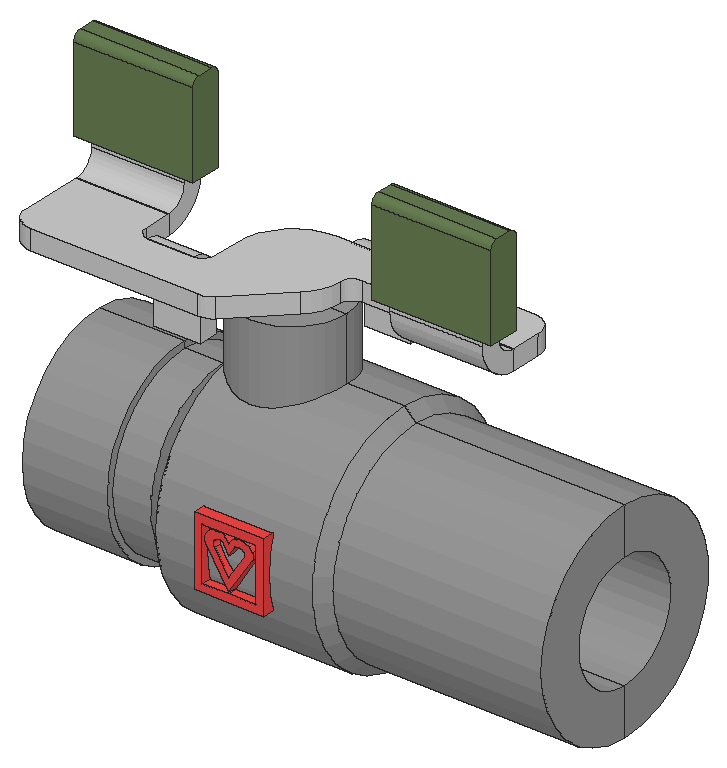
Revit family "Шаровой кран с маховиком бабочка и обратным клапаном 2110", category Rohrzubehör, Revit 2020
Family settings
  Bemaßung runder Anschluss = Durchmesser verwenden
  Teiletyp = Unterbricht
  OmniClass-Nummer = 23.65.55.14
  OmniClass-Titel = Valves for Liquid Services
  Arbeitsebenenbasiert = Nein
  Immer vertikal = Ja
  Beim Laden mit Abzugskörper schneiden = Nein
  Gemeinsam genutzt = Nein
Parameters
  Шпиндель = "латунь в соответствии с EN 12164, CW614N"  # constant formula
  Шар = "штампованная латунь, устойчивая к селективной цинковой коррозии, согласно EN 12165, хромированный полнопроходной шар, CW626N"  # constant formula
  Уплотнение шпинделя = "EPDM"  # constant formula
  Уплотнение шара = "PTFE"  # constant formula
  Среда = "Питьевая вода"  # constant formula
  Рукоятка = "маховик бабочка, цвет - зеленый, оцинкованная сталь"  # constant formula
  Резьба = "согласно  ISO 228"  # constant formula
  Примечание = "В соответствии со статьей 33 Регламента REACH (Registration; Evaluation; Authorisation; Restriction of Chemicals) (EC № 1907/2006) мы обязаны указать, что свинец внесен в список SVHC (Substances of Very High Concern - вещества очень высокой важности) и весовой процент свинца во всех латунных компонентах заводского изготовления в наших изделиях, превышает 0,1 % (w/w) (CAS: 7439-92-1 / EINECS: 231-100-4).\r\nПоскольку свинец является легирующим компонентом сплава, прямое негативное влияние исключается, и поэтому дополнительной информации о безопасном использовании не требуется."
  Область применения = "Шаровой кран с маховиком \"бабочка\" и обратным клапаном применяется в системах питьевого водоснабжения и служит запорным устройством.\r\nКак правило, шаровые краны используются в системах для надежного перекрытия трубопровода.\r\nОбратный клапан гарантирует движение потока только в одном направлении, указанном стрелкой на корпусе крана."
  Номер заказа [instance] = size_lookup("2110_0X_", "Artnr", 0, Nennweite)  # 2211001
  Мин. рабочая температура (вода) = 0.5 °C  # constant formula
  Мин. рабочая температура = -10 °C  # constant formula
  Макс. рабочее давление = 2500000.0 Pa  # constant formula
  Макс. рабочая температура = 85 °C  # constant formula
  Корпус = "штампованная латунь, устойчивая к селективной цинковой коррозии, согласно EN 12165, CW626N"  # constant formula
  W01 = 45.00°  # constant formula
  Vorgabe-Ansicht = 0.000 mm
  URL = "www.herz-armaturen.ru"
  SC_NennweiteBerechnet = 0
  SC_Dimension = ""
  SCTWSEQ = "FW;SBT_TYP_FW=\"102\";2"
  SCTWCODE = "04;04;02"  # constant formula
  S04 = 5.000 mm  # constant formula
  S03 [instance] = D04 - 2.000 mm  # 11.500 mm
  S02 [instance] = L01 + 4.500 mm  # 38.500 mm
  S01 [instance] = D04 * 2  # 27.000 mm
  R01 = 7.000 mm  # constant formula
  O-Ring обратного клапана = "силикон"  # constant formula
  Nennweite [instance] = 15.000 mm
  L05 [instance] = size_lookup("2110_0X_", "L5", 1.000 mm, Nennweite)  # 25.000 mm
  L04 [instance] = size_lookup("2110_0X_", "L4", 1.000 mm, Nennweite)  # 27.000 mm
  L03 = 5.000 mm  # constant formula
  L02 [instance] = size_lookup("2110_0X_", "L2", 1.000 mm, Nennweite)  # 11.000 mm
  L01 [instance] = size_lookup("2110_0X_", "L1", 1.000 mm, Nennweite)  # 34.000 mm
  IG [instance] = Nennweite / 2  # 7.500 mm
  Hersteller = "HERZ Armaturen Ges.m.b.H."  # constant formula
  H01 [instance] = size_lookup("2110_0X_", "H1", 1.000 mm, Nennweite)  # 23.000 mm
  Корпус обратного клапана = "POM"  # constant formula
  GT [instance] = size_lookup("2110_0X_", "GT", 1.000 mm, Nennweite)  # 10.000 mm
  DN15-DN20 [instance] = if(Nennweite = 15.000 mm, 42.000 mm, 46.000 mm)  # 42.000 mm
  D04 [instance] = size_lookup("2110_0X_", "D4", 1.000 mm, Nennweite)  # 13.500 mm
  D03 [instance] = size_lookup("2110_0X_", "D3", 1.000 mm, Nennweite)  # 15.000 mm
  D02 [instance] = size_lookup("2110_0X_", "D2", 1.000 mm, Nennweite)  # 11.700 mm
  D01 [instance] = size_lookup("2110_0X_", "D1", 1.000 mm, Nennweite)  # 12.500 mm
Reference planes
  plane 1 "Mitte (Vorne/hinten)": y = 0
  plane 2: z = 0
  plane 3 "Mitte (Links/rechts)": x = 0
Forms (mm)
  Revolve 1, solid, material "Messing, weicher Gelbton, geschweißt", detail levels fine
    sketch origin (0, 0, 0) x (1, 0, 0) y (0, 0, 1)
      loop
        line (-24, 0) -> (24, 0) -> (24, 7.5) -> (34, 7.5) -> (34, 13.5) -> (7, 13.5) -> (5.5, 15) -> (-14.7, 15) -> (-18, 11.7) -> (-23, 11.7) -> (-23, 12.5) -> (-34, 12.5) -> (-34, 7.5) -> (-24, 7.5) -> (-24, 0)
      axis (-34, 0) -> (34, 0)
    angle from 0 to 360
  Revolve 2, solid, material "Messing, weicher Gelbton, geschweißt", detail levels fine
    sketch origin (0, 0, 0) x (1, 0, 0) y (0, 0, 1)
      loop
        line (-5.588, 0) -> (-5.588, 8) -> (-2, 8) -> (-2, 23) -> (-9, 23) -> (-9, 0) -> (-5.588, 0)
      axis (-9, 0) -> (-9, 23)
    angle from 0 to 360
Lines and regions (mm)
  model lines, detail levels coarse+medium
    curve 1: line (-34, 0, 13.5) -> (-34, 0, -13.5)
    curve 2: line (-34, 0, -13.5) -> (4.5, 0, 13.5)
    curve 3: line (4.5, 0, 13.5) -> (4.5, 0, -13.5)
    curve 4: line (4.5, 0, -13.5) -> (-34, 0, 13.5)
    curve 5: circle (-14.75, 0, 0) r 11.5 normal (0, -1, 0)
    curve 6: line (4.5, 0, 13.5) -> (34, 0, -13.5)
    curve 7: line (34, 0, -13.5) -> (34, 0, 13.5)
    curve 8: circle (4.5, 0, 13.5) r 5 normal (0, -1, 0)
    curve 9: line (-34, 13.5, 0) -> (-34, -13.5, 0)
    curve 10: line (-34, -13.5, 0) -> (4.5, 13.5, 0)
    curve 11: line (4.5, 13.5, 0) -> (4.5, -13.5, 0)
    curve 12: line (4.5, -13.5, 0) -> (-34, 13.5, 0)
    curve 13: line (4.5, 13.5, 0) -> (34, -13.5, 0)
    curve 14: line (34, -13.5, 0) -> (34, 13.5, 0)
    curve 15: circle (4.5, 13.5, 0) r 5 normal (0, 0, 1)
    curve 16: circle (-14.75, 0, 0) r 11.5 normal (0, 0, 1)
Dimensions and locks
  "L01": plane 3 "Mitte (Links/rechts)" to Revolve 1 sketch curve
  "L01": Revolve 1 sketch curve to plane 3 "Mitte (Links/rechts)"
  "L02": Revolve 1 sketch curve to Revolve 1 sketch curve
  "L03": Revolve 1 sketch curve to Revolve 1 sketch curve
  "D01": Revolve 1 sketch curve to plane 2
  "D02": Revolve 1 sketch curve to plane 2
  "D03": Revolve 1 sketch curve to plane 2
  "L04": Revolve 1 sketch curve to Revolve 1 sketch curve
  "D04": Revolve 1 sketch curve to plane 2
  "GT": Revolve 1 sketch curve to Revolve 1 sketch curve  (x2)
  "IG": Revolve 1 sketch curve to plane 2  (x2)
  "L05": Revolve 1 to Revolve 2 sketch curve  (x2)
  "H01": Revolve 2 sketch curve to plane 2
  "R01": Revolve 2 sketch curve to Revolve 2 sketch curve
  Revolve 2 sketch curve to plane 2 = 8.000 mm
  equal spacing: Revolve 1, nested 1, Revolve 1
  "D03": nested 1 to plane 1 "Mitte (Vorne/hinten)"
  equal spacing: curve 4, plane 2, curve 2
  "S01": curve 4 to curve 2
  "L01": plane 3 "Mitte (Links/rechts)" to curve 1
  equal spacing: curve 3, plane 2, curve 4
  "S01": curve 4 to curve 3
  "S02": curve 1 to curve 3
  equal spacing: curve 1, curve 5, curve 3
  "S02": curve 1 to curve 8
  "L01": curve 7 to plane 3 "Mitte (Links/rechts)"
  equal spacing: curve 7, plane 2, curve 7
  "S01": curve 7 to curve 7
  equal spacing: curve 10, plane 1 "Mitte (Vorne/hinten)", curve 12
  equal spacing: curve 12, plane 1 "Mitte (Vorne/hinten)", curve 13
  equal spacing: curve 14, plane 1 "Mitte (Vorne/hinten)", curve 14
  "L01": curve 9 to plane 3 "Mitte (Links/rechts)"
  "S02": curve 9 to curve 11
  "S02": curve 9 to curve 15
  "L01": plane 3 "Mitte (Links/rechts)" to curve 14
  "S01": curve 12 to curve 9
  "S01": curve 13 to curve 12
  "S01": curve 14 to curve 14
  equal spacing: curve 9, curve 16, curve 11
  "L05": Revolve 1 to nested 2
  "DN15-DN20": nested 2 to plane 2
  "S03": radius of curve 5
  "S04": radius of curve 8
  "S04": radius of curve 15
  "S03": radius of curve 16
  "W01": angle Revolve 1 sketch curve to Revolve 1 sketch curve  (x2)
  aligned and locked: level to plane 2
Automatic sketch dimensions
  curve 5 to level = 0.000 mm
  curve 8 to curve 2 = 0.000 mm
  plane 1 "Mitte (Vorne/hinten)" to curve 16 = 0.000 mm
  curve 15 to curve 10 = 0.000 mm
  Revolve 1 sketch curve to level = 0.000 mm  (x2)
  Revolve 1 sketch curve to Revolve 1 sketch curve = 1490.843 mm
  Revolve 1 sketch curve to Revolve 1 sketch curve = 1823.461 mm
  Revolve 2 sketch curve to level = 0.000 mm  (x2)
  Revolve 2 sketch curve to Revolve 2 sketch curve = 3.588 mm
  Revolve 2 sketch curve to Revolve 2 sketch curve = 0.000 mm
Nested families
  nested 1: "Herz-Logo-vorne" at (-4.6, -15, 0) x (0, 1, 0) z (0, 0, 1), type "Herz-Logo-vorne", detail levels fine
  nested 2: "Flügelgriff (Grün) DN15-DN20" at (-9, 0, 24), type "Flügelgriff (Grün) DN15-DN20"
Connectors
  piping at (-24, 0, 0), diameter 15, driven by "Nennweite"
    settings: on Revolve 1, index 1, connector inside diameter 609.6 mm, connector length 0.000 mm, flow factor 0, pipe flow 0.0 L/s, pressure drop 0.0 Pa, fitting loss kfactor 0, connector angle 0.00°, fixture units 0, engagement length 0.000 mm, angle of deflection 0.00°, flow configuration 0, flow direction 1, fitting loss method 0, system type 29, joint type 0, gender type 0, connector reference index -1, connector utility 0, adjustable connector no, is connector primary yes, connector description ""
  piping at (24, 0, 0), diameter 15, driven by "Nennweite"
    settings: on Revolve 1, index 2, connector inside diameter 609.6 mm, connector length 0.000 mm, flow factor 0, pipe flow 0.0 L/s, pressure drop 0.0 Pa, fitting loss kfactor 0, connector angle 0.00°, fixture units 0, engagement length 0.000 mm, angle of deflection 0.00°, flow configuration 0, flow direction 2, fitting loss method 0, system type 29, joint type 0, gender type 0, connector reference index -1, connector utility 0, adjustable connector no, is connector primary no, connector description ""
Definition of nested family "Herz-Logo-vorne"
  Parameters (values of type "Herz-Logo-vorne")
    Default Elevation = 0.000 mm
  Reference planes
    plane 1 "Mitte (Vorne/hinten)": y = 0
    plane 2: z = 0
    plane 3 "Mitte (Links/rechts)": x = 0
  Forms (mm)
    Extrusion 1, solid
      sketch origin (0.732, -0.018, 0.017) x (0, -1, 0) y (0, 0, 1)
        loop
          line (-0.018, -4.517) -> (4.482, -4.517) -> (4.482, 4.483) -> (-4.518, 4.483) -> (-4.518, -4.517) -> (-0.018, -4.517)
        loop
          line (-0.05, -3.48) -> (3.482, -3.48) -> (3.482, 3.483) -> (-3.518, 3.483) -> (-3.518, -3.48) -> (-0.05, -3.48)
        loop
          arc (-0.018, 2.383) -> (-1.543, 3.287) -> (-3.067, 2.383) r 1.738
          arc (-3.067, 2.383) -> (-3.191, 1.899) -> (-3.067, 1.415) r 1.009
          line (-3.067, 1.415) -> (-0.018, -3.281) -> (3.032, 1.415)
          arc (3.032, 1.415) -> (3.156, 1.899) -> (3.032, 2.383) r 1.009
          arc (3.032, 2.383) -> (1.507, 3.287) -> (-0.018, 2.383) r 1.738
        loop
          arc (1.885, 1.272) -> (2.005, 1.675) -> (1.885, 2.079) r 0.74
          arc (1.885, 2.079) -> (1.265, 2.416) -> (0.644, 2.079) r 0.74
          line (0.644, 2.079) -> (-0.018, 0.97) -> (-0.679, 2.079)
          arc (-0.679, 2.079) -> (-1.3, 2.416) -> (-1.921, 2.079) r 0.74
          arc (-1.921, 2.079) -> (-2.04, 1.675) -> (-1.921, 1.272) r 0.74
          line (-1.921, 1.272) -> (-0.018, -1.658) -> (1.885, 1.272)
      from 0 to 1.5
  Dimensions and locks
    aligned and locked: level to plane 2
Definition of nested family "Flügelgriff (Grün) DN15-DN20"
  Parameters (values of type "Flügelgriff (Grün) DN15-DN20")
    Default Elevation = 0.000 mm
  Reference planes
    plane 1 "Mitte (Vorne/hinten)": y = 0
    plane 2: z = 0
    plane 3 "Mitte (Links/rechts)": x = 0
  Forms (mm)
    Extrusion 1, solid, detail levels fine
      sketch origin (0, 0, 0) x (1, 0, 0) y (0, 1, 0)
        loop
          line (-7, 0) -> (-7, -3.8)
          arc (-7, -3.8) -> (-7.439, -4.861) -> (-8.5, -5.3) r 1.5
          line (-8.5, -5.3) -> (-14.5, -5.3)
          arc (-14.5, -5.3) -> (-15.561, -4.861) -> (-16, -3.8) r 1.5
          line (-16, -3.8) -> (-16, 0) -> (-28, 0) -> (-28, -8.1)
          arc (-28, -8.1) -> (-27.121, -10.221) -> (-25, -11.1) r 3
          line (-25, -11.1) -> (-3.453, -11.1)
          arc (-3.453, -11.1) -> (-2.496, -10.91) -> (-1.685, -10.368) r 2.5
          line (-1.685, -10.368) -> (4.443, -4.24)
          arc (4.443, -4.24) -> (5.743, -2.295) -> (6.2, 0) r 6
          arc (6.2, 0) -> (6.64, 1.06) -> (7.7, 1.499) r 1.5
          line (7.7, 1.499) -> (15.1, 1.499)
          arc (15.1, 1.499) -> (16.16, 1.06) -> (16.6, 0) r 1.5
          line (16.6, 0) -> (28.6, 0) -> (28.6, 4)
          arc (28.6, 4) -> (27.721, 6.121) -> (25.6, 7) r 3
          line (25.6, 7) -> (0, 7)
          arc (0, 7) -> (-4.95, 4.95) -> (-7, 0) r 7
      from 0 to 2.5
    Extrusion 2, solid, detail levels fine
      sketch origin (0, 0, 0) x (0, 1, 0) y (0, 0, 1)
        loop
          arc (2.5, 5) -> (1.768, 3.232) -> (0, 2.5) r 2.5
          line (0, 2.5) -> (0, 0)
          arc (0, 0) -> (3.536, 1.464) -> (5, 5) r 5
          line (5, 5) -> (5, 6) -> (2.5, 6) -> (2.5, 5)
      from -28 to -16
    Extrusion 3, solid, detail levels fine
      sketch origin (0, 5.3, 0) x (0, 1, 0) y (0, 0, 1)
        loop
          line (-7.8, 5) -> (-7.8, 6) -> (-10.3, 6) -> (-10.3, 5)
          arc (-10.3, 5) -> (-8.836, 1.464) -> (-5.3, 0) r 5
          line (-5.3, 0) -> (-5.3, 2.5)
          arc (-5.3, 2.5) -> (-7.068, 3.232) -> (-7.8, 5) r 2.5
      from 16.6 to 28.6
    Extrusion 4, solid, detail levels fine
      sketch origin (0, 0, 0) x (0, 1, 0) y (0, 0, 1)
        loop
          line (5.75, 6) -> (5.75, 17.041)
          arc (5.75, 17.041) -> (5.469, 17.719) -> (4.791, 18) r 0.959
          line (4.791, 18) -> (2.773, 18)
          arc (2.773, 18) -> (2.05, 17.7) -> (1.75, 16.977) r 1.023
          line (1.75, 16.977) -> (1.75, 6) -> (5.75, 6)
      from -29.7 to -14.3
    Extrusion 5, solid, detail levels fine
      sketch origin (0, 0, 0) x (0, 1, 0) y (0, 0, 1)
        loop
          line (-5.75, 6) -> (-1.75, 6) -> (-1.75, 17)
          arc (-1.75, 17) -> (-2.043, 17.707) -> (-2.75, 18) r 1
          line (-2.75, 18) -> (-4.75, 18)
          arc (-4.75, 18) -> (-5.457, 17.707) -> (-5.75, 17) r 1
          line (-5.75, 17) -> (-5.75, 6)
      from 30.3 to 14.9
    Extrusion 6, solid, detail levels fine
      sketch origin (0, 0, 0) x (0, 1, 0) y (0, 0, 1)
        loop
          line (9, -2) -> (9, -8) -> (11.5, -8) -> (11.5, -2)
          arc (11.5, -2) -> (10.182, 1.182) -> (7, 2.5) r 4.5
          line (7, 2.5) -> (7, 0)
          arc (7, 0) -> (8.414, -0.586) -> (9, -2) r 2
      from 8.1 to 2.1
    Extrusion 7, solid, detail levels fine
      sketch origin (0, 0, 0) x (0, 1, 0) y (0, 0, 1)
        loop
          line (-4.3, -1) -> (-4.3, -8) -> (-1.8, -8) -> (-1.8, -1)
          arc (-1.8, -1) -> (-2.825, 1.475) -> (-5.3, 2.5) r 3.5
          line (-5.3, 2.5) -> (-5.3, 0)
          arc (-5.3, 0) -> (-4.593, -0.293) -> (-4.3, -1) r 1
      from -14.5 to -8.5
  Dimensions and locks
    aligned and locked: level to plane 2
